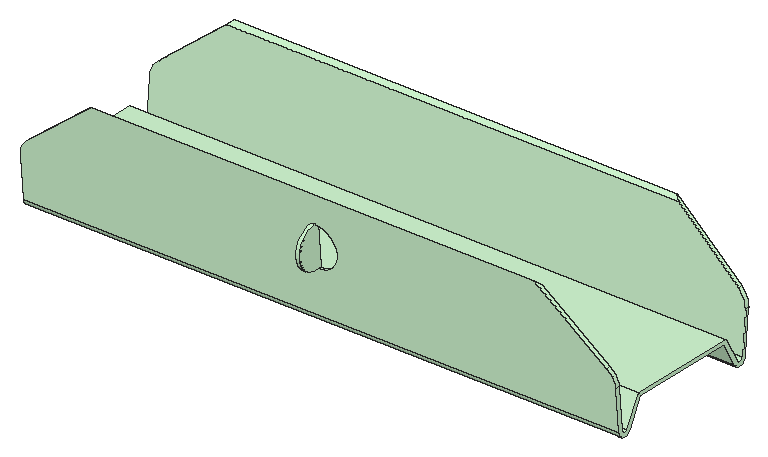
Revit family "joint_cs19", category 機械設備, Revit 2022
Family settings
  丸型コネクタ寸法 = 直径を使用
  種別 = なし
  パーツ タイプ = 標準
  作業面ベース = いいえ
  常に垂直 = はい
  ロード時にボイドで切り取り = いいえ
  注釈の向きを維持 = いいえ
  共有 = いいえ
  部屋計算ポイント = いいえ
Parameters
  製造元 = "株式会社桐井製作所"
  既定の高さ = 0 mm
  URL = "https://www.kirii.co.jp/"
  K_材質 = "SGCC　一般用"
  K_品名 = "CS-19用ジョイント"
  K_名称 = "野縁ジョイント"
  K_単位質量(kg/個) = 0.02
  K_入数 = "400"
  K_バージョン情報 = "20210524"
  K_めっき付着量 = "Z12"
  K_JIS規格 = "JIS G 3302"
  K_JIS外 [instance] = not(K_JIS)  # no
  K_JIS [instance] = yes
Reference planes
  plane 1 "中心(正面/背面)": y = 0
  plane 2: z = 0
  plane 3 "中心(左/右)": x = 0
Forms (mm)
  Extrusion 1, solid
    sketch origin (0, 0, 0) x (0, 1, 0) y (0, 0, 1)
      loop
        line (12.163, 16.608) -> (10.718, 0.957)
        arc (10.718, 0.957) -> (10.344, 0.539) -> (9.836, 0.777) r 0.47
        line (9.836, 0.777) -> (7.817, 4.53) -> (-7.817, 4.53) -> (-9.836, 0.777)
        arc (-9.836, 0.777) -> (-10.344, 0.539) -> (-10.718, 0.957) r 0.47
        line (-10.718, 0.957) -> (-12.163, 16.608) -> (-12.746, 17.151) -> (-11.246, 0.908)
        arc (-11.246, 0.908) -> (-10.449, 0.02) -> (-9.369, 0.526) r 1
        line (-9.369, 0.526) -> (-7.5, 4) -> (7.5, 4) -> (9.369, 0.526)
        arc (9.369, 0.526) -> (10.449, 0.02) -> (11.246, 0.908) r 1
        line (11.246, 0.908) -> (12.746, 17.151) -> (12.163, 16.608)
    from -42.5 to 42.5
  Extrusion 2, solid
    sketch origin (0, 0, 0) x (0, 1, 0) y (0, 0, 1)
      loop
        arc (-12.378, 13.168) -> (-15.089, 9.905) -> (-11.826, 7.194) r 3
        line (-11.826, 7.194) -> (-12.378, 13.168)
    from -0.5 to 0
  Extrusion 3, void
    sketch origin (0, 0, 0) x (1, 0, 0) y (0, 0, 1)
      loop
        arc (0, 7.2) -> (3, 10.2) -> (0, 13.2) r 3
        line (0, 13.2) -> (0, 7.2)
    from 11.251 to 12.395
  Extrusion 4, void
    sketch origin (0, 0, 0) x (1, 0, 0) y (0, 0, 1)
      loop
        line (-41.4, 9.1) -> (-31.56, 17.151) -> (-42.5, 17.151) -> (-42.5, 6.778)
        arc (-42.5, 6.778) -> (-42.211, 8.063) -> (-41.4, 9.1) r 3
      loop
        line (31.56, 17.151) -> (41.4, 9.1)
        arc (41.4, 9.1) -> (42.211, 8.063) -> (42.5, 6.778) r 3
        line (42.5, 6.778) -> (42.5, 17.151) -> (31.56, 17.151)
    from -12.746 to 12.746
Cuts and joins
  Extrusion 3, Extrusion 4 cuts Extrusion 1
  joined: Extrusion 1, Extrusion 2
Dimensions and locks
  aligned and locked: level to plane 2
